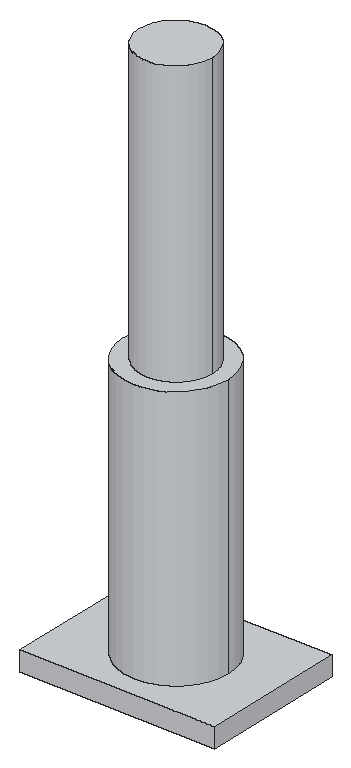
Revit family "Hydraulic Buffer", category Mechanical Equipment, Revit 2022
Family settings
  Round Connector Dimension = Use Diameter
  Part Type = Normal
  OmniClass Number = 23.75.00.00
  OmniClass Title = Climate Control (HVAC)
  Work Plane-Based = No
  Always vertical = Yes
  Cut with Voids When Loaded = No
  Maintain Annotation Orientation = No
  Shared = No
  Room Calculation Point = No
Parameters
  LiftBuffer_RatedSpeed = 2.0 m/s
  LiftBuffer_FixedToCar = yes
  LiftBuffer_Stroke = 100
  Stroke Diameter = 75 mm
  Mounting plate width = 150 mm
  Mounting plate thickness = 20 mm
  Mounting plate Length = 200 mm
  buffer Height = 580 mm
  LiftBuffer_ImpactMassRange = 3000
  Default Elevation = 0 mm
  Cylinder Height = buffer Height / 2  # 290 mm
  Cylinder Diameter = 108 mm
Reference planes
  plane 1 "Center (Front/Back)": y = 0
  plane 2: z = 0
  plane 3 "Center (Left/Right)": x = 0
  plane 4 "Mounting plate": z = 200
  plane 5 "Cylinder Height": z = 900
  plane 6 "Free stroke height": z = 1600
Forms (mm)
  Extrusion 1, solid
    sketch origin (0, 0, 0) x (1, 0, 0) y (0, 1, 0)
      loop
        line (-100, 75) -> (-100, -75) -> (100, -75) -> (100, 75) -> (-100, 75)
    from 0 to 20 <- "Mounting plate thickness"
  Extrusion 2, solid
    sketch origin (0, 0, 0) x (1, 0, 0) y (0, 1, 0)
      loop
        circle (0, 0) r 54
    from 0 to 290 <- "Cylinder Height"
  Extrusion 3, solid
    sketch origin (0, 0, 0) x (1, 0, 0) y (0, 1, 0)
      loop
        circle (0, 0) r 37.5
    from 0 to 580 <- "buffer Height"
Dimensions and locks
  equal spacing: Extrusion 1 sketch curve, plane 1 "Center (Front/Back)", Extrusion 1 sketch curve
  equal spacing: Extrusion 1 sketch curve, plane 3 "Center (Left/Right)", Extrusion 1 sketch curve
  "Mounting plate Length": Extrusion 1 sketch curve to Extrusion 1 sketch curve
  "Mounting plate width": Extrusion 1 sketch curve to Extrusion 1 sketch curve
  "Cylinder Diameter": diameter of Extrusion 2 sketch curve
  "Stroke Diameter": diameter of Extrusion 3 sketch curve
  aligned and locked: level to plane 2
Automatic sketch dimensions
  plane 1 "Center (Front/Back)" to Extrusion 2 sketch curve = 0 mm
  Extrusion 2 sketch curve to plane 3 "Center (Left/Right)" = 0 mm
  plane 1 "Center (Front/Back)" to Extrusion 3 sketch curve = 0 mm
  Extrusion 3 sketch curve to plane 3 "Center (Left/Right)" = 0 mm
